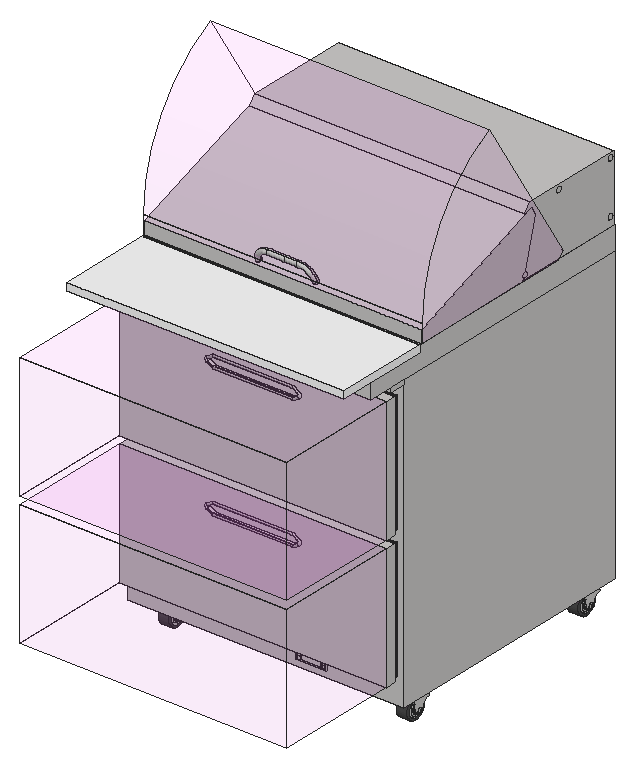
Revit family "QF_Kelvinator_738286_KCHMT29.12.2D", category Specialty Equipment, Revit 2021
Family settings
  Round Connector Dimension = Use Diameter
  Part Type = Normal
  Work Plane-Based = No
  Always vertical = Yes
  Cut with Voids When Loaded = No
  Shared = No
  Room Calculation Point = No
Parameters
  Weight in Pounds = 207.235
  Weight = 94.00 lbm
  Watts = 0 W
  Volts = 115 V
  URL Manufacturer = "KELVINATOR"
  URL Cutsheet = ""
  URL = "KELVINATOR"
  Specification by User = ""
  Specification by Manufacturer = ""
  Serial Number = ""
  Seismic Rating = ""
  SMACNA No = ""
  Revision Code = ""
  Refrigerant Type = "R290"
  Phase = 1
  Number of Poles = 1
  NAFEM Spec ID Number = ""
  Model = "KCHMT29.12.2D"
  Min Ckt Ampacity = 0 A
  Max Overcurrent Protection = 0 A
  Masterspec = ""
  Manufacturer = "Kelvinator"
  Length Actual = 735"
  Length = 28.937"
  Item Number = "738286"
  Installed By = ""
  Identify Quantity as Lot = yes
  Height Actual = 1100"
  Height = 43.307"
  HP = "0.7 HP"
  Gas KW = 0
  Furnished By = ""
  Foodservice Equipment Identifier = yes
  FL Amps = 3 A
  Electrical Remarks = ""
  Electric Connection Type = ""
  Elec Conn RI Height = 0"
  Elec Conn Connection Height = 0"
  Description = "2-DRAWER MEGA TOP PREP TABLE 29\" LONG 9-1/6 3-1/9 PAN"
  Depth Actual = 900"
  Depth = 35.433"
  Default Elevation = 0"
  Cycle = 60 Hz
  Conn Plug = "5-15P"
  Conn Conduit = yes
  CSI MasterFormat = ""
  Apparent Power = 0 VA
  Accessory = no
Reference planes (in)
  plane 1 "BACK": y = 0
  plane 2: z = 0
  plane 3 "LEFT": x = 0
  plane 4 "RIGHT": x = 28.937
  plane 5 "FRONT": y = -35.433
  plane 6 "TOP": z = 43.307
  plane 7 "Center Y": x = 14.4685
  plane 8 "Center X": y = -17.7165
Dimensions and locks (in)
  equal spacing: plane 3 "LEFT", plane 7 "Center Y", plane 4 "RIGHT"
  "Length": plane 3 "LEFT" to plane 4 "RIGHT"
  equal spacing: plane 5 "FRONT", plane 8 "Center X", plane 1 "BACK"
  "Depth": plane 5 "FRONT" to plane 1 "BACK"
  "Height": plane 6 "TOP" to level
  aligned and locked: level to plane 2
Nested families (in)
  nested 1: "Family7" at (0, 0, 0), type "Family7"
    with Show Clearance yes
Connectors (in)
  electrical at (14.46875, -0.87772, 2.31881), driven by "Volts", driven by "Watts"
    settings: on nested 1, index 1, voltage 115 V, apparent load 0 VA, apparent load phase1 0 VA, apparent load phase2 0 VA, apparent load phase3 0 VA, power factor 1, load classification "Power", number of poles 1, system type 30, power factor state 1, is connector primary yes, connector utility no, sub classification motor no, connector description "Electrical Connection"
Definition of nested family "Family7"
  Parameters (values of type "Family7")
    Weight in Pounds = 0
    URL Cutsheet = ""
    Specification by User = ""
    Specification by Manufacturer = ""
    Show Clearance [instance] = yes
    Serial Number = ""
    Seismic Rating = ""
    SMACNA No = ""
    Revision Code = ""
    NAFEM Spec ID Number = ""
    Masterspec = ""
    Length = 28.937"
    Item Number = ""
    Installed By = ""
    Identify Quantity as Lot = yes
    Height = 43.307"
    Furnished By = ""
    Foodservice Equipment Identifier = yes
    Depth = 35.433"
    Default Elevation = 0"
    CSI MasterFormat = ""
  Reference planes (in)
    plane 1 "BACK": y = 0
    plane 2: z = 0
    plane 3 "LEFT": x = 0
    plane 4 "RIGHT": x = 28.937
    plane 5 "FRONT": y = -35.433
    plane 6 "TOP": z = 43.307
    plane 7 "Center Y": x = 14.4685
    plane 8 "Center X": y = -17.7165
    plane 9: z = 3.1
    plane 10: z = 33.9
    plane 11: y = -25.5
    plane 12: z = 36.307
    plane 13: y = -29.2
    plane 14: z = 32.4
    plane 15: z = 5.6
    plane 16: y = -27.5
    plane 17: x = 26.937
    plane 18: x = 2
    plane 19: y = -31.9
    plane 20: z = 19.4
    plane 21: z = 18.6
    plane 22: z = 32.20449
    plane 23: z = 19.6
    plane 24: z = 18.40449
    plane 25: z = 5.8
    plane 26: x = 29.062
    plane 27: x = -0.1245
  Forms (in)
    Extrusion 1, solid
      sketch origin (0, 0, 0) x (0, 1, 0) y (0, 0, 1)
        loop
          line (-27.5, 33.9) -> (-27.5, 3.1) -> (0, 3.1) -> (0, 33.9) -> (-27.5, 33.9)
      from 0 to 28.9375
    Extrusion 2, solid
      sketch origin (0, 0, 0) x (0, 1, 0) y (0, 0, 1)
        loop
          line (-25.5, 36.307) -> (-25.5, 35.557) -> (-31.9, 35.557) -> (-31.9, 33.9) -> (0, 33.9) -> (0, 36.307) -> (-25.5, 36.307)
      from 0 to 28.9375
    Extrusion 3, solid
      sketch origin (0, 0, 0) x (0, 1, 0) y (0, 0, 1)
        loop
          line (-35.433, 36.307) -> (-35.433, 35.557) -> (-25.5, 35.557) -> (-25.5, 36.307) -> (-35.433, 36.307)
      from 0 to 28.9375
    Extrusion 4, solid
      sketch origin (0, 0, 0) x (0, 1, 0) y (0, 0, 1)
        loop
          line (-25.25, 36.307) -> (-12.40435, 36.3073)
          arc (-12.40435, 36.3073) -> (-12.06401, 36.40719) -> (-11.82007, 36.66468) r 0.68096
          line (-11.82007, 36.66468) -> (-10.4206, 41.90007) -> (-10.85311, 42.7135) -> (-25.25, 37.6239) -> (-25.25, 36.307)
      from 0 to 28.9375
    Extrusion 5, solid
      sketch origin (0, 0, 0) x (0, 1, 0) y (0, 0, 1)
        loop
          line (-12.40434, 36.307) -> (0, 36.307) -> (0, 43.307) -> (-10.99775, 43.307) -> (-11.58944, 42.46198) -> (-10.85311, 42.7135) -> (-10.4206, 41.90007) -> (-11.82007, 36.66468)
          arc (-11.82007, 36.66468) -> (-12.06401, 36.40719) -> (-12.40434, 36.307) r 0.68096
      from 0.07437 to 28.86109
    Extrusion 6, solid
      sketch origin (28.9375, 4.71875, 0) x (0, 1, 0) y (0, 0, 1)
        loop
          circle (-16.51178, 36.83247) r 0.25
      from 0 to 0.07437
    Extrusion 7, solid
      sketch origin (28.86109, 0, 0) x (0, 1, 0) y (0, 0, 1)
        loop
          circle (-0.51178, 37.33247) r 0.25
      from 0 to 0.07437
    Extrusion 8, solid
      sketch origin (28.86109, 0, 0) x (0, 1, 0) y (0, 0, 1)
        loop
          circle (-0.51178, 42.84497) r 0.25
      from 0 to 0.07641
    Extrusion 9, solid
      sketch origin (28.86109, 0, 0) x (0, 1, 0) y (0, 0, 1)
        loop
          circle (-7.26178, 42.84497) r 0.25
      from 0 to 0.07641
    Extrusion 10, solid
      sketch origin (0, 0, 0) x (0, 1, 0) y (0, 0, -1)
        loop
          circle (-12.25953, -36.83247) r 0.25
      from 0 to 0.07437
    Extrusion 11, solid
      sketch origin (0.11123, -0.03482, 0) x (0, 1, 0) y (0, 0, -1)
        loop
          circle (-0.51178, -37.33247) r 0.25
      from 0 to 0.07437
    Extrusion 12, solid
      sketch origin (0.07437, -0.03482, 0) x (0, 1, 0) y (0, 0, -1)
        loop
          circle (-0.51178, -42.84497) r 0.25
      from 0 to 0.07437
    Extrusion 13, solid
      sketch origin (0.07437, -0.03482, 0) x (0, 1, 0) y (0, 0, -1)
        loop
          circle (-7.26178, -42.84497) r 0.25
      from 0 to 0.07437
    Sweep 14, solid
      path origin (0, 3.99087, 8.19085) x (1, 0, 0) y (0, -0.323051, 0.946381)
        loop
          line (12.156, 37.2) -> (12.156, 37.35625)
          arc (12.156, 37.35625) -> (12.37567, 37.88658) -> (12.906, 38.10625) r 0.75
          line (12.906, 38.10625) -> (14.781, 38.10625) -> (16.031, 38.10625)
          arc (16.031, 38.10625) -> (16.56133, 37.88658) -> (16.781, 37.35625) r 0.75
          line (16.781, 37.35625) -> (16.781, 37.2)
      profile origin (15.406, -8.3194, 44.2539) x (0, -0.323051, 0.946381) y (0, -0.946381, -0.323051)
        loop
          circle (0.69146, 17.59878) r 0.25
    Extrusion 15, solid
      sketch origin (0, 0, 0) x (0, 1, 0) y (0, 0, 1)
        loop
          line (-29.2, 33.9) -> (-29.2, 33.4) -> (-27.5, 33.4) -> (-27.5, 33.9) -> (-29.2, 33.9)
      from 0 to 28.9375
    Extrusion 16, solid
      sketch origin (14.4685, 6.90541, 48) x (0, 1, 0) y (0, 0, 1)
        loop
          line (-36.10541, -15.6) -> (-36.10541, -28.6) -> (-34.95211, -28.6) -> (-34.95211, -15.6) -> (-36.10541, -15.6)
      from 13.96875 to -13.96875
    Extrusion 17, solid
      sketch origin (0, 0, 0) x (0, 1, 0) y (0, 0, 1)
        loop
          line (-28.04671, 32.20449) -> (-28.04671, 19.6) -> (-27.79671, 19.6) -> (-27.79671, 32.20449) -> (-28.04671, 32.20449)
      from 0.74536 to 28.21347
    Extrusion 18, solid
      sketch origin (0, 0.25, 0) x (0, 1, 0) y (0, 0, 1)
        loop
          line (-28.04671, 32.20449) -> (-28.04671, 19.6) -> (-27.864, 19.6) -> (-27.864, 32.20449) -> (-28.04671, 32.20449)
      from 0.74536 to 28.21347
    Extrusion 19, solid
      sketch origin (0, 0.4327, 0) x (0, 1, 0) y (0, 0, 1)
        loop
          line (-28.04671, 32.20449) -> (-28.04671, 19.6) -> (-27.9327, 19.6) -> (-27.9327, 32.20449) -> (-28.04671, 32.20449)
      from 0.74536 to 28.21347
    Extrusion 20, solid
      sketch origin (-5.72957, -27.5, -4.77927) x (-1, 0, 0) y (0, 0, 1)
        loop
          line (-23.36233, 9.70772) -> (-26.51193, 9.70772) -> (-26.51193, 8.52662) -> (-23.36233, 8.52662) -> (-23.36233, 9.70772)
        loop
          line (-23.44107, 9.63107) -> (-23.83477, 9.63107) -> (-23.83477, 9.31193) -> (-23.44107, 9.31193) -> (-23.44107, 9.63107)
        loop
          line (-23.44107, 9.27674) -> (-23.83477, 9.27674) -> (-23.83477, 8.9576) -> (-23.44107, 8.9576) -> (-23.44107, 9.27674)
        loop
          line (-23.44107, 8.92241) -> (-23.83477, 8.92241) -> (-23.83477, 8.60327) -> (-23.44107, 8.60327) -> (-23.44107, 8.92241)
        loop
          line (-26.43319, 9.63107) -> (-26.43319, 9.31193) -> (-26.03949, 9.31193) -> (-26.03949, 9.63107) -> (-26.43319, 9.63107)
        loop
          line (-26.43319, 9.27674) -> (-26.43319, 8.9576) -> (-26.03949, 8.9576) -> (-26.03949, 9.27674) -> (-26.43319, 9.27674)
        loop
          line (-26.43319, 8.92241) -> (-26.43319, 8.60327) -> (-26.03949, 8.60327) -> (-26.03949, 8.92241) -> (-26.43319, 8.92241)
        loop
          line (-23.91225, 9.63107) -> (-25.96201, 9.63107) -> (-25.96201, 8.60716) -> (-23.91225, 8.60716) -> (-23.91225, 9.63107)
      from 0.07874 to -0.04602
    Extrusion 21, solid
      sketch origin (-5.72957, -27.54602, -4.77927) x (1, 0, 0) y (0, 0, 1)
        loop
          line (26.03949, 9.63107) -> (26.03949, 9.31193) -> (26.43319, 9.31193) -> (26.43319, 9.63107) -> (26.03949, 9.63107)
        loop
          line (26.03949, 9.27674) -> (26.03949, 8.9576) -> (26.43319, 8.9576) -> (26.43319, 9.27674) -> (26.03949, 9.27674)
        loop
          line (26.03949, 8.92241) -> (26.03949, 8.60327) -> (26.43319, 8.60327) -> (26.43319, 8.92241) -> (26.03949, 8.92241)
        loop
          line (23.83477, 9.63107) -> (23.44107, 9.63107) -> (23.44107, 9.31193) -> (23.83477, 9.31193) -> (23.83477, 9.63107)
        loop
          line (23.83477, 9.27674) -> (23.44107, 9.27674) -> (23.44107, 8.9576) -> (23.83477, 8.9576) -> (23.83477, 9.27674)
        loop
          line (23.83477, 8.92241) -> (23.44107, 8.92241) -> (23.44107, 8.60327) -> (23.83477, 8.60327) -> (23.83477, 8.92241)
      from 0 to -0.07874
    Extrusion 22, solid
      sketch origin (-5.72957, -27.54602, -4.77927) x (1, 0, 0) y (0, 0, 1)
        loop
          line (23.91225, 9.63107) -> (23.91225, 8.60716) -> (25.96201, 8.60716) -> (25.96201, 9.63107) -> (23.91225, 9.63107)
      from 0 to -0.07874
    Extrusion 23, void
      sketch origin (-5.72957, -27.5, -4.77927) x (-1, 0, 0) y (0, 0, 1)
        loop
          line (-23.36233, 9.70772) -> (-26.51193, 9.70772) -> (-26.51193, 8.52662) -> (-23.36233, 8.52662) -> (-23.36233, 9.70772)
      from 0 to 0.07874
    Extrusion 24, void
      sketch origin (-15.80943, -29.19996, 32.2056) x (0, 0, 1) y (1, 0, 0)
        loop
          line (-1.94791, 26.10293) -> (-1.94791, 34.45293) -> (-2.28604, 34.99393)
          arc (-2.28604, 34.99393) -> (-2.38541, 35.04901) -> (-2.48479, 34.99393) r 0.11719
          line (-2.48479, 34.99393) -> (-2.82291, 34.45293) -> (-2.82291, 26.10293) -> (-2.48621, 25.56421)
          arc (-2.48621, 25.56421) -> (-2.38541, 25.50834) -> (-2.28462, 25.56421) r 0.11887
          line (-2.28462, 25.56421) -> (-1.94791, 26.10293)
      from 0 to 0.31887
    Sweep 25, solid
      path origin (-15.80943, -26.39996, 32.2056) x (0, 0, -1) y (1, 0, 0)
        loop
          line (2.82291, 34.45293) -> (2.48479, 34.99393)
          arc (2.48479, 34.99393) -> (2.38541, 35.04901) -> (2.28604, 34.99393) r 0.11719
          line (2.28604, 34.99393) -> (1.94791, 34.45293) -> (1.94791, 26.10293) -> (2.28462, 25.56421)
          arc (2.28462, 25.56421) -> (2.38541, 25.50834) -> (2.48621, 25.56421) r 0.11887
          line (2.48621, 25.56421) -> (2.82291, 26.10293) -> (2.82291, 34.45293)
      profile origin (14.4685, -26.39996, 29.38269) x (0, 0, -1) y (0, -1, 0)
        loop
          line (0, 2.8) -> (0.25, 2.8)
          arc (0.25, 2.8) -> (0.125, 2.85269) -> (0, 2.8) r 0.17461
    Extrusion 26, solid
      sketch origin (0, -3.56521, 3.1) x (-1, 0, 0) y (0, 1, 0)
        loop
          circle (-14.46875, 2.68749) r 0.25
      from 0 to 0.78119
    Extrusion 27, solid
      sketch origin (14.4685, 6.90541, 34.2) x (0, 1, 0) y (0, 0, 1)
        loop
          line (-36.10541, -15.6) -> (-36.10541, -28.6) -> (-34.95211, -28.6) -> (-34.95211, -15.6) -> (-36.10541, -15.6)
      from 13.96875 to -13.96875
    Extrusion 28, solid
      sketch origin (0, 0, -13.8) x (0, 1, 0) y (0, 0, 1)
        loop
          line (-28.04671, 32.20449) -> (-28.04671, 19.6) -> (-27.79671, 19.6) -> (-27.79671, 32.20449) -> (-28.04671, 32.20449)
      from 0.74536 to 28.21347
    Extrusion 29, solid
      sketch origin (0, 0.25, -13.8) x (0, 1, 0) y (0, 0, 1)
        loop
          line (-28.04671, 32.20449) -> (-28.04671, 19.6) -> (-27.864, 19.6) -> (-27.864, 32.20449) -> (-28.04671, 32.20449)
      from 0.74536 to 28.21347
    Extrusion 30, solid
      sketch origin (0, 0.4327, -13.8) x (0, 1, 0) y (0, 0, 1)
        loop
          line (-28.04671, 32.20449) -> (-28.04671, 19.6) -> (-27.9327, 19.6) -> (-27.9327, 32.20449) -> (-28.04671, 32.20449)
      from 0.74536 to 28.21347
    Extrusion 31, void
      sketch origin (-15.80943, -29.19996, 18.4056) x (0, 0, 1) y (1, 0, 0)
        loop
          line (-1.94791, 26.10293) -> (-1.94791, 34.45293) -> (-2.28604, 34.99393)
          arc (-2.28604, 34.99393) -> (-2.38541, 35.04901) -> (-2.48479, 34.99393) r 0.11719
          line (-2.48479, 34.99393) -> (-2.82291, 34.45293) -> (-2.82291, 26.10293) -> (-2.48621, 25.56421)
          arc (-2.48621, 25.56421) -> (-2.38541, 25.50834) -> (-2.28462, 25.56421) r 0.11887
          line (-2.28462, 25.56421) -> (-1.94791, 26.10293)
      from 0 to 0.31887
    Sweep 32, solid
      path origin (-15.80943, -26.39996, 18.4056) x (0, 0, -1) y (1, 0, 0)
        loop
          line (2.82291, 34.45293) -> (2.48479, 34.99393)
          arc (2.48479, 34.99393) -> (2.38541, 35.04901) -> (2.28604, 34.99393) r 0.11719
          line (2.28604, 34.99393) -> (1.94791, 34.45293) -> (1.94791, 26.10293) -> (2.28462, 25.56421)
          arc (2.28462, 25.56421) -> (2.38541, 25.50834) -> (2.48621, 25.56421) r 0.11887
          line (2.48621, 25.56421) -> (2.82291, 26.10293) -> (2.82291, 34.45293)
      profile origin (14.4685, -26.39996, 15.58269) x (0, 0, -1) y (0, -1, 0)
        loop
          line (0, 2.8) -> (0.25, 2.8)
          arc (0.25, 2.8) -> (0.125, 2.85269) -> (0, 2.8) r 0.17461
    Extrusion 33, solid, visible <- "Show Clearance"
      sketch origin (28.43725, 6.90541, 48) x (0, 1, 0) y (0, 0, 1)
        loop
          line (-36.10541, -28.6) -> (-36.10541, -15.6) -> (-49.10541, -15.6) -> (-49.10541, -28.6) -> (-36.10541, -28.6)
        loop
          line (-36.10541, -42.4) -> (-36.10541, -29.4) -> (-49.10541, -29.4) -> (-49.10541, -42.4) -> (-36.10541, -42.4)
      from 0 to -27.9375
    Extrusion 34, solid, visible <- "Show Clearance"
      sketch origin (0, -7, -0.0125) x (0, -1, 0) y (0, 0, 1)
        loop
          line (0.46898, 36.3195) -> (18.25, 36.3195) -> (18.25, 38.20821)
          arc (18.25, 38.20821) -> (15.89455, 46.6191) -> (9.51337, 52.58332) r 16.19461
          line (9.51337, 52.58332) -> (-0.20479, 36.9478) -> (0.46898, 36.3195)
      from 0.1245 to -29.062
  Cuts and joins
    Extrusion 23 cuts Extrusion 20
    Extrusion 24, Extrusion 31 cuts Extrusion 16
    Extrusion 31 cuts Extrusion 27
  Lines and regions (in)
    symbolic lines
      curve 1: line (28.937, -35.433, 0) -> (28.937, 0, 0)
      curve 2: line (28.937, 0, 0) -> (0, 0, 0)
      curve 3: line (0, 0, 0) -> (0, -35.433, 0)
      curve 4: line (0, -25.5, 0) -> (11.94915, -25.5, 0)
      curve 5: line (0, -35.433, 0) -> (28.937, -35.433, 0)
      curve 6: line (0, -25.25, 0) -> (11.6887, -25.25, 0)
      curve 7: line (0.07437, -11.58944, 0) -> (28.86059, -11.58944, 0)
      curve 8: line (0.07437, -10.99775, 0) -> (28.86059, -10.99775, 0)
      curve 9: line (28.86059, -11.58944, 0) -> (28.86059, 0, 0)
      curve 10: line (0.07437, -11.58944, 0) -> (0.07437, 0, 0)
      curve 11: line (-0.07437, -12.50953, 0) -> (-0.07437, -12.00953, 0)
      curve 12: line (-0.07437, -12.00953, 0) -> (0, -12.00953, 0)
      curve 13: line (-0.07437, -12.50953, 0) -> (0, -12.50953, 0)
      curve 14: line (0, -10.4206, 0) -> (0.07437, -10.4206, 0)
      curve 15: line (0, -10.85311, 0) -> (0.07437, -10.85311, 0)
      curve 16: line (0, -8.01304, 0) -> (0.07437, -8.01304, 0)
      curve 17: line (0, -7.5129, 0) -> (0.07437, -7.5129, 0)
      curve 18: line (0, -0.29529, 0) -> (0.07437, -0.29529, 0)
      curve 19: line (0, -0.79529, 0) -> (0.07437, -0.79529, 0)
      curve 20: line (29.01137, -12.50953, 0) -> (29.01137, -12.00953, 0)
      curve 21: line (29.01137, -12.00953, 0) -> (28.937, -12.00953, 0)
      curve 22: line (29.01137, -12.50953, 0) -> (28.937, -12.50953, 0)
      curve 23: line (28.937, -10.4206, 0) -> (28.86059, -10.4206, 0)
      curve 24: line (28.937, -10.85311, 0) -> (28.86059, -10.85311, 0)
      curve 25: line (28.937, -7.97828, 0) -> (28.86059, -7.97828, 0)
      curve 26: line (28.937, -7.47828, 0) -> (28.86059, -7.47828, 0)
      curve 27: line (28.937, -0.76178, 0) -> (28.86059, -0.76178, 0)
      curve 28: line (28.937, -0.26178, 0) -> (28.86059, -0.26178, 0)
      curve 29: spline (11.21454, -24.65351, 0) -> (11.22306, -24.59638, 0) -> (11.24803, -24.54314, 0) -> (11.28776, -24.49742, 0) -> (11.33954, -24.46234, 0) -> (11.39984, -24.44029, 0) -> (11.46454, -24.43277, 0) -> (11.52925, -24.44029, 0) -> (11.58954, -24.46234, 0) -> (11.64132, -24.49742, 0) -> (11.68105, -24.54314, 0) -> (11.70602, -24.59638, 0) -> (11.71454, -24.65351, 0)
      curve 30: spline (17.22246, -24.65351, 0) -> (17.23098, -24.59638, 0) -> (17.25595, -24.54314, 0) -> (17.29568, -24.49742, 0) -> (17.34746, -24.46234, 0) -> (17.40775, -24.44029, 0) -> (17.47246, -24.43277, 0) -> (17.53716, -24.44029, 0) -> (17.59746, -24.46234, 0) -> (17.64924, -24.49742, 0) -> (17.68897, -24.54314, 0) -> (17.71394, -24.59638, 0) -> (17.72246, -24.65351, 0)
      curve 31: line (14.4685, -24.94775, 0) -> (16.20646, -24.94775, 0)
      curve 32: line (14.4685, -25.44761, 0) -> (16.19122, -25.44761, 0)
      curve 33: line (17.72246, -24.65351, 0) -> (17.72246, -24.76273, 0)
      curve 34: line (17.22246, -24.65351, 0) -> (17.22246, -24.70254, 0)
      curve 35: line (14.4685, -24.94775, 0) -> (12.83564, -24.94775, 0)
      curve 36: line (14.4685, -25.44761, 0) -> (12.74578, -25.44761, 0)
      curve 37: line (11.21454, -24.65351, 0) -> (11.21454, -24.76273, 0)
      curve 38: line (11.71454, -24.65351, 0) -> (11.71454, -24.70254, 0)
      curve 39: line (17.2483, -25.25, 0) -> (28.937, -25.25, 0)
      curve 40: line (11.94915, -25.5, 0) -> (28.937, -25.5, 0)
      curve 44: arc (17.22246, -24.70254, 0) -> (16.72905, -24.88558, 0) -> (16.20646, -24.94775, 0) r 2.22739
      curve 45: arc (11.71454, -24.70254, 0) -> (12.24241, -24.89361, 0) -> (12.80129, -24.94663, 0) r 2.22739
      curve 46: arc (12.83564, -24.94775, 0) -> (12.81847, -24.94693, 0) -> (12.80129, -24.94663, 0) r 0.57427
      curve 47: arc (17.72246, -24.76273, 0) -> (17.63163, -24.99217, 0) -> (17.44709, -25.156, 0) r 0.53229
      curve 48: arc (17.44709, -25.156, 0) -> (17.12632, -25.29612, 0) -> (16.78727, -25.38319, 0) r 2.1837
      curve 49: arc (16.78727, -25.38319, 0) -> (16.49027, -25.42486, 0) -> (16.19122, -25.44761, 0) r 4.72583
      curve 50: arc (11.21454, -24.76273, 0) -> (11.30537, -24.99217, 0) -> (11.48991, -25.156, 0) r 0.53229
      curve 51: arc (11.48991, -25.156, 0) -> (11.81068, -25.29612, 0) -> (12.14973, -25.38319, 0) r 2.1837
      curve 52: arc (12.14973, -25.38319, 0) -> (12.44673, -25.42486, 0) -> (12.74578, -25.44761, 0) r 4.72583
    symbolic lines, visible <- "Show Clearance"
      curve 41: line (0.5, -43.133, 0) -> (28.437, -43.133, 0)
      curve 42: line (28.437, -43.133, 0) -> (28.437, -35.433, 0)
      curve 43: line (0.5, -43.133, 0) -> (0.5, -35.433, 0)
  Dimensions and locks (in)
    equal spacing: plane 3 "LEFT", plane 7 "Center Y", plane 4 "RIGHT"
    "Length": plane 3 "LEFT" to plane 4 "RIGHT"
    equal spacing: plane 5 "FRONT", plane 8 "Center X", plane 1 "BACK"
    "Depth": plane 5 "FRONT" to plane 1 "BACK"
    "Height": plane 6 "TOP" to level
    plane 5 "FRONT" to plane 1 "BACK" = 35.433"
    plane 11 to plane 1 "BACK" = 25 1/2"
    locked: plane 4 "RIGHT" to plane 17 at 2
    locked: plane 3 "LEFT" to plane 18 at 2
    plane 19 to plane 1 "BACK" = 31.9"
    plane 12 to plane 6 "TOP" = 7"
    level to plane 12 = 36.307"
    plane 15 to plane 21 = 13"
    plane 20 to plane 14 = 13"
    Extrusion 17 to Extrusion 16 = 12.8"
    aligned and locked: level to plane 2
    aligned and locked: plane 17 to nested 1
    aligned and locked: nested 2 to plane 18
  Automatic sketch dimensions
    plane 9 to Extrusion 1 sketch curve = 0"
    Extrusion 1 sketch curve to plane 16 = 0"
    Extrusion 1 sketch curve to plane 1 "BACK" = 0"
    Extrusion 1 sketch curve to plane 10 = 0"
    Extrusion 2 sketch curve to plane 10 = 0"
    Extrusion 2 sketch curve to plane 19 = 0"
    Extrusion 2 sketch curve to plane 11 = 0"
    Extrusion 2 sketch curve to plane 1 "BACK" = 0"
    plane 12 to Extrusion 2 sketch curve = 0"
    Extrusion 2 sketch curve to Extrusion 2 sketch curve = 3/4"
    Extrusion 3 sketch curve to plane 5 "FRONT" = 0"
    Extrusion 3 sketch curve to plane 11 = 0"
    plane 12 to Extrusion 3 sketch curve = 0"
    Extrusion 3 sketch curve to Extrusion 3 sketch curve = 3/4"
    plane 12 to Extrusion 4 sketch curve = 0"
    Extrusion 4 sketch curve to plane 11 = 1/4"
    Extrusion 4 sketch curve to plane 12 = 0.6811"
    plane 8 "Center X" to Extrusion 4 sketch curve = 5.29717"
    Extrusion 4 sketch curve to plane 12 = 0.35768"
    Extrusion 4 sketch curve to Extrusion 4 sketch curve = 0.59925"
    Extrusion 4 sketch curve to plane 6 "TOP" = 0.5935"
    Extrusion 4 sketch curve to Extrusion 4 sketch curve = 1.56621"
    Extrusion 4 sketch curve to plane 6 "TOP" = 1.40693"
    Extrusion 4 sketch curve to Extrusion 4 sketch curve = 0.43251"
    Extrusion 4 sketch curve to plane 12 = 1.3169"
    Extrusion 4 sketch curve to plane 12 = 0.0003"
    Extrusion 4 sketch curve to Extrusion 4 sketch curve = 0"
    plane 12 to Extrusion 5 sketch curve = 0"
    Extrusion 5 sketch curve to plane 6 "TOP" = 0"
    Extrusion 5 sketch curve to plane 1 "BACK" = 0"
    Extrusion 5 sketch curve to plane 6 "TOP" = 1.40693"
    plane 8 "Center X" to Extrusion 5 sketch curve = 7.2959"
    Extrusion 5 sketch curve to plane 6 "TOP" = 0.5935"
    Extrusion 5 sketch curve to Extrusion 5 sketch curve = 0.43251"
    Extrusion 5 sketch curve to Extrusion 5 sketch curve = 0.14464"
    Extrusion 5 sketch curve to plane 6 "TOP" = 0.84502"
    Extrusion 5 sketch curve to Extrusion 5 sketch curve = 0.73633"
    Extrusion 5 sketch curve to plane 12 = 0.35768"
    Extrusion 5 sketch curve to Extrusion 5 sketch curve = 1.39947"
    Extrusion 5 sketch curve to Extrusion 5 sketch curve = 0.59925"
    Extrusion 5 sketch curve to Extrusion 5 sketch curve = 0.32342"
    Extrusion 5 sketch curve to Extrusion 5 sketch curve = 0.01499"
    Extrusion 5 sketch curve to plane 12 = 0.0003"
    Extrusion 6 sketch curve to Extrusion 4 = 0.52547"
    Extrusion 6 sketch curve to Extrusion 4 = 13.45697"
    Extrusion 7 sketch curve to Extrusion 5 = 0.51178"
    Extrusion 7 sketch curve to Extrusion 5 = 1.02547"
    Extrusion 8 sketch curve to Extrusion 5 = 0.51178"
    Extrusion 8 sketch curve to Extrusion 5 = 0.46203"
    Extrusion 9 sketch curve to Extrusion 5 = 0.46203"
    Extrusion 9 sketch curve to Extrusion 5 = 7.26178"
    Extrusion 10 sketch curve to plane 12 = 0.52547"
    plane 8 "Center X" to Extrusion 10 sketch curve = 5.45697"
    plane 1 "BACK" to Extrusion 11 sketch curve = 0.5466"
    Extrusion 11 sketch curve to plane 12 = 1.02547"
    plane 1 "BACK" to Extrusion 12 sketch curve = 0.5466"
    Extrusion 12 sketch curve to plane 6 "TOP" = 0.46203"
    Extrusion 13 sketch curve to plane 6 "TOP" = 0.46203"
    plane 1 "BACK" to Extrusion 13 sketch curve = 7.2966"
    Sweep 14 sketch curve to plane 7 "Center Y" = 2 5/16"
    Sweep 14 sketch curve to Sweep 14 sketch curve = 3/4"  (x2)
    plane 7 "Center Y" to Sweep 14 sketch curve = 5/16"
    Sweep 14 sketch curve to Sweep 14 sketch curve = 1 1/4"
    Sweep 14 sketch curve to Sweep 14 sketch curve = 5/32"  (x2)
    Sweep 14 sketch curve to profile plane = 0.69146"
    profile plane to Sweep 14 sketch curve = 17.59878"
    Extrusion 15 sketch curve to plane 10 = 0"
    Extrusion 15 sketch curve to plane 13 = 0"
    Extrusion 15 sketch curve to plane 16 = 0"
    Extrusion 15 sketch curve to Extrusion 15 sketch curve = 1/2"
    Extrusion 16 sketch curve to plane 13 = 0"
    plane 20 to Extrusion 16 sketch curve = 0"
    plane 14 to Extrusion 16 sketch curve = 0"
    Extrusion 16 sketch curve to plane 16 = 0.54671"
    Extrusion 17 sketch curve to plane 23 = 0"
    Extrusion 17 sketch curve to plane 22 = 0"
    Extrusion 17 sketch curve to plane 16 = 0.54671"
    Extrusion 17 sketch curve to Extrusion 17 sketch curve = 1/4"
    Extrusion 18 sketch curve to plane 23 = 0"
    Extrusion 18 sketch curve to plane 22 = 0"
    Extrusion 18 sketch curve to plane 16 = 0.29671"
    Extrusion 18 sketch curve to plane 16 = 0.114"
    Extrusion 19 sketch curve to plane 23 = 0"
    Extrusion 19 sketch curve to plane 22 = 0"
    Extrusion 19 sketch curve to plane 16 = 0"
    Extrusion 19 sketch curve to Extrusion 19 sketch curve = 0.114"
    plane 15 to Extrusion 20 sketch curve = 0.67154"
    Extrusion 20 sketch curve to plane 17 = 6.15464"
    Extrusion 20 sketch curve to Extrusion 20 sketch curve = 0.07874"  (x3)
    Extrusion 20 sketch curve to Extrusion 20 sketch curve = 0"  (x7)
    Extrusion 20 sketch curve to Extrusion 20 sketch curve = 0.3937"  (x2)
    Extrusion 20 sketch curve to Extrusion 20 sketch curve = 0.07748"  (x3)
    Extrusion 20 sketch curve to plane 9 = 0.72789"
    Extrusion 20 sketch curve to Extrusion 20 sketch curve = 2.04976"
    Extrusion 20 sketch curve to Extrusion 20 sketch curve = 1/256"  (x2)
    Extrusion 20 sketch curve to Extrusion 20 sketch curve = 0.07665"  (x3)
    Extrusion 20 sketch curve to Extrusion 20 sketch curve = 0.31914"  (x4)
    Extrusion 20 sketch curve to Extrusion 20 sketch curve = 0.03519"  (x4)
    Extrusion 20 to Extrusion 21 sketch curve = 0"  (x10)
    Extrusion 21 sketch curve to Extrusion 20 = 0"  (x14)
    Extrusion 22 sketch curve to Extrusion 20 = 0"  (x3)
    Extrusion 20 to Extrusion 22 sketch curve = 0"
    plane 15 to Extrusion 23 sketch curve = 0.67154"
    Extrusion 23 sketch curve to plane 17 = 6.15464"
    Extrusion 23 sketch curve to plane 9 = 0.64735"
    Extrusion 23 sketch curve to Extrusion 23 sketch curve = 3.14961"
    Extrusion 24 sketch curve to plane 22 = 2.8218"
    Extrusion 24 sketch curve to Extrusion 24 sketch curve = 0.3367"
    Extrusion 24 sketch curve to Extrusion 24 sketch curve = 0.33813"  (x2)
    Extrusion 24 sketch curve to Extrusion 24 sketch curve = 0.09937"  (x2)
    Extrusion 24 sketch curve to Extrusion 24 sketch curve = 0.1008"  (x2)
    Extrusion 24 sketch curve to plane 7 "Center Y" = 4.71372"
    Extrusion 24 sketch curve to Extrusion 24 sketch curve = 0.063"
    Extrusion 24 sketch curve to Extrusion 24 sketch curve = 0.53872"  (x2)
    plane 7 "Center Y" to Extrusion 24 sketch curve = 4.175"
    Extrusion 24 sketch curve to Extrusion 24 sketch curve = 0"
    Extrusion 24 sketch curve to Extrusion 24 sketch curve = 0.47889"
    Extrusion 24 sketch curve to Extrusion 24 sketch curve = 0.06211"
    Sweep 25 sketch curve to plane 22 = 1.9468"
    Sweep 25 sketch curve to Sweep 25 sketch curve = 0.3367"
    Sweep 25 sketch curve to Sweep 25 sketch curve = 0.33813"  (x2)
    Sweep 25 sketch curve to Sweep 25 sketch curve = 0.09937"  (x2)
    Sweep 25 sketch curve to Sweep 25 sketch curve = 0.1008"  (x2)
    Sweep 25 sketch curve to plane 7 "Center Y" = 4.71372"
    Sweep 25 sketch curve to Sweep 25 sketch curve = 0.063"
    Sweep 25 sketch curve to Sweep 25 sketch curve = 0.53872"  (x2)
    plane 7 "Center Y" to Sweep 25 sketch curve = 4.175"
    Sweep 25 sketch curve to Sweep 25 sketch curve = 0"
    Sweep 25 sketch curve to Sweep 25 sketch curve = 0.47889"
    Sweep 25 sketch curve to Sweep 25 sketch curve = 0.06211"
    Sweep 25 sketch curve to profile plane = 0"
    Sweep 25 sketch curve to profile plane = 1/8"
    profile plane to Sweep 25 sketch curve = 2.67809"
    Sweep 25 sketch curve to Sweep 25 sketch curve = 0.12191"
    Extrusion 1 to Extrusion 26 sketch curve = 0.87772"
    Extrusion 26 sketch curve to Extrusion 1 = 14 15/32"
    Extrusion 27 sketch curve to plane 13 = 0"
    plane 15 to Extrusion 27 sketch curve = 0"
    plane 21 to Extrusion 27 sketch curve = 0"
    Extrusion 27 sketch curve to plane 16 = 0.54671"
    Extrusion 28 sketch curve to plane 25 = 0"
    Extrusion 28 sketch curve to plane 24 = 0"
    Extrusion 28 sketch curve to plane 16 = 0.54671"
    Extrusion 28 sketch curve to Extrusion 28 sketch curve = 1/4"
    Extrusion 29 sketch curve to plane 25 = 0"
    Extrusion 29 sketch curve to plane 24 = 0"
    Extrusion 29 sketch curve to plane 16 = 0.29671"
    Extrusion 29 sketch curve to plane 16 = 0.114"
    Extrusion 30 sketch curve to plane 25 = 0"
    Extrusion 30 sketch curve to plane 24 = 0"
    Extrusion 30 sketch curve to plane 16 = 0"
    Extrusion 30 sketch curve to Extrusion 30 sketch curve = 0.114"
    Extrusion 31 sketch curve to plane 24 = 2.8218"
    Extrusion 31 sketch curve to Extrusion 31 sketch curve = 0.3367"
    Extrusion 31 sketch curve to Extrusion 31 sketch curve = 0.33813"  (x2)
    Extrusion 31 sketch curve to Extrusion 31 sketch curve = 0.09937"  (x2)
    Extrusion 31 sketch curve to Extrusion 31 sketch curve = 0.1008"  (x2)
    Extrusion 31 sketch curve to plane 7 "Center Y" = 4.71372"
    Extrusion 31 sketch curve to Extrusion 31 sketch curve = 0.063"
    Extrusion 31 sketch curve to Extrusion 31 sketch curve = 0.53872"  (x2)
    plane 7 "Center Y" to Extrusion 31 sketch curve = 4.175"
    Extrusion 31 sketch curve to Extrusion 31 sketch curve = 0"
    Extrusion 31 sketch curve to Extrusion 31 sketch curve = 0.47889"
    Extrusion 31 sketch curve to Extrusion 31 sketch curve = 0.06211"
    Sweep 32 sketch curve to plane 24 = 1.9468"
    Sweep 32 sketch curve to Sweep 32 sketch curve = 0.3367"
    Sweep 32 sketch curve to Sweep 32 sketch curve = 0.33813"  (x2)
    Sweep 32 sketch curve to Sweep 32 sketch curve = 0.09937"  (x2)
    Sweep 32 sketch curve to Sweep 32 sketch curve = 0.1008"  (x2)
    Sweep 32 sketch curve to plane 7 "Center Y" = 4.71372"
    Sweep 32 sketch curve to Sweep 32 sketch curve = 0.063"
    Sweep 32 sketch curve to Sweep 32 sketch curve = 0.53872"  (x2)
    plane 7 "Center Y" to Sweep 32 sketch curve = 4.175"
    Sweep 32 sketch curve to Sweep 32 sketch curve = 0"
    Sweep 32 sketch curve to Sweep 32 sketch curve = 0.47889"
    Sweep 32 sketch curve to Sweep 32 sketch curve = 0.06211"
    Sweep 32 sketch curve to profile plane = 0"
    Sweep 32 sketch curve to profile plane = 1/8"
    profile plane to Sweep 32 sketch curve = 2.67809"
    Sweep 32 sketch curve to Sweep 32 sketch curve = 0.12191"
    plane 1 "BACK" to curve 3 = 0"
    curve 3 to plane 3 "LEFT" = 0"
    plane 5 "FRONT" to curve 43 = 0"
    plane 11 to curve 40 = 0"
    curve 31 to plane 7 "Center Y" = 0"
    curve 32 to plane 7 "Center Y" = 0"
    curve 24 to plane 4 "RIGHT" = 0"
    curve 11 to plane 3 "LEFT" = 0.07437"
    plane 3 "LEFT" to curve 7 = 0.07437"
    plane 3 "LEFT" to curve 41 = 1/2"
    curve 37 to plane 11 = 0.73727"
    curve 37 to plane 7 "Center Y" = 3.25396"
    curve 29 to curve 38 = 1/2"
    curve 45 to curve 50 = 0.02686"
    curve 45 to curve 40 = 0.23461"
    curve 29 to curve 51 = 0.80709"
    curve 51 to curve 45 = 0.20891"
    curve 36 to plane 11 = 0.05239"
    curve 4 to curve 36 = 0.79662"
    plane 11 to curve 46 = 0.0209"
    curve 52 to curve 46 = 0.05391"
    curve 52 to curve 35 = 23/256"
    curve 52 to plane 7 "Center Y" = 1.51393"
    plane 7 "Center Y" to curve 49 = 1.51393"
    plane 7 "Center Y" to curve 32 = 1.72272"
    curve 49 to curve 31 = 0.01524"
    curve 44 to curve 48 = 0.20891"
    curve 31 to curve 47 = 0.98914"
    curve 47 to curve 34 = 0.02686"
    curve 34 to curve 33 = 1/2"
    plane 4 "RIGHT" to curve 41 = 1/2"
    plane 4 "RIGHT" to curve 9 = 0.07641"
    curve 21 to plane 4 "RIGHT" = 0.07437"
    plane 5 "FRONT" to curve 42 = 7.7"
    curve 49 to curve 31 = 0.49986"
    curve 33 to plane 11 = 0.73727"
    curve 50 to curve 38 = 0.06019"
    curve 33 to curve 34 = 0.06019"
    curve 44 to curve 47 = 0.01568"
    curve 45 to curve 50 = 0.01568"
    curve 33 to curve 33 = 0.10922"
    curve 37 to curve 37 = 0.10922"
    curve 48 to curve 44 = 0.51103"
    curve 29 to curve 51 = 1.42211"
    curve 51 to curve 45 = 0.51103"
    curve 44 to curve 49 = 1.99397"
    curve 45 to curve 52 = 1.99397"
    plane 8 "Center X" to curve 13 = 5.20697"
    plane 8 "Center X" to curve 20 = 5.20697"
    curve 11 to curve 12 = 1/2"
    curve 20 to curve 21 = 1/2"
    curve 21 to curve 9 = 0.4201"
    curve 51 to curve 50 = 0"
    curve 51 to curve 6 = 0.19879"
    curve 48 to curve 49 = 0"
    curve 39 to curve 48 = 0.19879"
    curve 7 to curve 8 = 0.59169"
    curve 8 to curve 24 = 0.14464"
    curve 8 to curve 15 = 0.14464"
    curve 15 to curve 14 = 0.43251"
    curve 24 to curve 23 = 0.43251"
    curve 14 to curve 16 = 2.40757"
    curve 23 to curve 25 = 2.44232"
    curve 16 to curve 17 = 0.50013"
    curve 25 to curve 26 = 1/2"
    plane 1 "BACK" to curve 19 = 0.79529"
    plane 1 "BACK" to curve 27 = 0.76178"
    plane 1 "BACK" to curve 18 = 0.29529"
    plane 1 "BACK" to curve 28 = 0.26178"
    Extrusion 33 sketch curve to Extrusion 16 = 0"  (x4)
    Extrusion 16 to Extrusion 33 sketch curve = 0.8"
    Extrusion 16 to Extrusion 33 sketch curve = 13"  (x2)
    Extrusion 33 sketch curve to Extrusion 33 sketch curve = 13"
    Extrusion 34 sketch curve to Extrusion 4 = 0"  (x2)
    Extrusion 34 sketch curve to Extrusion 34 sketch curve = 1.5864"
    Extrusion 34 sketch curve to Extrusion 4 = 0.6283"
    Extrusion 34 sketch curve to Extrusion 34 sketch curve = 0.67377"
    Extrusion 34 sketch curve to Extrusion 4 = 8.73663"
    Extrusion 34 sketch curve to Extrusion 4 = 17.78102"
    Extrusion 34 sketch curve to Extrusion 4 = 1.88871"
    radius of Extrusion 6 sketch curve = 1/4"
    radius of Extrusion 7 sketch curve = 1/4"
    radius of Extrusion 8 sketch curve = 1/4"
    radius of Extrusion 9 sketch curve = 1/4"
    radius of Extrusion 10 sketch curve = 1/4"
    radius of Extrusion 11 sketch curve = 1/4"
    radius of Extrusion 12 sketch curve = 1/4"
    radius of Extrusion 13 sketch curve = 1/4"
    radius of Sweep 14 sketch curve = 1/4"
    radius of Extrusion 26 sketch curve = 1/4"
  Nested families (in)
    nested 1: "3 INCHES 01_CASTER" at (26.937, -24.75, 0), type "3 INCHES 01_CASTER"
      with Type Mark "", Specification by User "", Revision Code "", Item Number "", Installed By "", Identify Quantity as Lot yes, Furnished By "", Foodservice Equipment Identifier yes, 3 Inches Caster yes
    nested 2: "3 INCHES 01_CASTER" at (2, -24.75, 0), type "3 INCHES 01_CASTER"
      with Type Mark "", Specification by User "", Revision Code "", Item Number "", Installed By "", Identify Quantity as Lot yes, Furnished By "", Foodservice Equipment Identifier yes, 3 Inches Caster yes
    nested 3: "3 INCHES 01_CASTER" at (26.9375, -2.375, 0), type "3 INCHES 01_CASTER"
      with Type Mark "", Specification by User "", Revision Code "", Item Number "", Installed By "", Identify Quantity as Lot yes, Furnished By "", Foodservice Equipment Identifier yes, 3 Inches Caster yes
    nested 4: "3 INCHES 01_CASTER" at (2, -2.375, 0), type "3 INCHES 01_CASTER"
      with Type Mark "", Specification by User "", Revision Code "", Item Number "", Installed By "", Identify Quantity as Lot yes, Furnished By "", Foodservice Equipment Identifier yes, 3 Inches Caster yes
  Definition of nested family "3 INCHES 01_CASTER"
    Parameters (values of type "3 INCHES 01_CASTER")
      Weight = ""
      URL Manufacturer = ""
      URL Cutsheet = ""
      URL = ""
      Type Mark [instance] = ""
      Specification by User [instance] = ""
      Specification by Manufacturer = ""
      Serial Number = ""
      Seismic Rating = ""
      SMACNA No = ""
      Revision Code [instance] = ""
      Omniclass Number and Title = ""
      NAFEM Spec ID Number = ""
      Model = ""
      MasterSpec. = ""
      Manufacturer = ""
      Item Number [instance] = ""
      Installed By [instance] = ""
      Identify Quantity as Lot [instance] = yes
      Furnished By [instance] = ""
      Foodservice Equipment Identifier [instance] = yes
      Description = ""
      Default Elevation = 0"
      CSI MasterFormat = ""
      CSI Master Format = ""
      Assembly Code = ""
      3 Inches Caster [instance] = yes
    Reference planes (in)
      plane 1: z = 0
      plane 2 "RIGHT": x = 0
      plane 3 "FRONT": y = 0
      plane 4 "TOP": z = 3.1
    Forms (in)
      Revolve 1, solid, visible <- "3 Inches Caster"
        sketch origin (-1.93794, 0.56004, -1.0041) x (1, 0, 0) y (0, 0, 1)
          loop
            line (0.74055, 2.11347) -> (0.74055, 2.03797) -> (0.79055, 1.98797) -> (0.85055, 1.98797) -> (0.85055, 1.8679) -> (1.235, 1.8679) -> (1.235, 1.7068) -> (1.36441, 1.63209) -> (1.4003, 1.41035) -> (1.34375, 1.41035) -> (1.34375, 1.28535) -> (1.375, 1.28535) -> (1.375, 1.0041) -> (2.48438, 1.0041) -> (2.48438, 1.28535) -> (2.51563, 1.28535) -> (2.51563, 1.41035) -> (2.45908, 1.41035) -> (2.49553, 1.6356) -> (2.62438, 1.70999) -> (2.62438, 1.8679) -> (3.04007, 1.8679) -> (3.04007, 1.98797) -> (3.10007, 1.98797) -> (3.15007, 2.03797) -> (3.15007, 2.11347) -> (0.74055, 2.11347)
          axis (0.74055, 2.11347) -> (3.15007, 2.11347)
        angle from 0 to 360
      Extrusion 2, solid, visible <- "3 Inches Caster"
        sketch origin (-1.93794, 1.35294, -3.2541) x (0, 1, 0) y (0, 0, 1)
          loop
            line (-0.41094, 5.86793) -> (-0.41094, 6.01276) -> (-2.29494, 6.01276) -> (-2.29494, 5.71244) -> (-1.82301, 5.71244)
            arc (-1.82301, 5.71244) -> (-1.00307, 5.59865) -> (-0.19592, 5.41488) r 9.6332
            arc (-0.19592, 5.41488) -> (0.12646, 5.29481) -> (0.42224, 5.11916) r 1.92059
            line (0.42224, 5.11916) -> (0.51314, 5.245)
            arc (0.51314, 5.245) -> (0.27353, 5.42569) -> (0.01201, 5.5729) r 2.25036
            line (0.01201, 5.5729) -> (0.09371, 5.71426)
            arc (0.09371, 5.71426) -> (-0.15272, 5.81043) -> (-0.41094, 5.86793) r 1.73151
        from 1.17357 to 2.70231
      Revolve 3, solid, visible <- "3 Inches Caster"
        sketch origin (0, 1.73858, -3.25) x (0, 1, 0) y (0, 0, 1)
          loop
            line (-1.73858, 6.35) -> (-1.73858, 6.00866) -> (-0.93293, 6.00866) -> (-0.93293, 6.35) -> (-1.73858, 6.35)
          axis (-1.73858, 6.00866) -> (-1.73858, 6.35)
        angle from 0 to 360
      Extrusion 4, solid, visible <- "3 Inches Caster"
        sketch origin (-1.98481, 1.35294, -1.7541) x (0, 1, 0) y (0, 0, 1)
          loop
            line (-2.29494, 4.51276) -> (-2.29494, 4.21244) -> (-2.2074, 4.21244)
            arc (-2.2074, 4.21244) -> (-1.58796, 3.87196) -> (-1.3103, 3.22193) r 1.0835
            arc (-1.3103, 3.22193) -> (-1.27304, 2.98711) -> (-1.19616, 2.76214) r 1.38462
            arc (-1.19616, 2.76214) -> (-0.77704, 2.49744) -> (-0.37393, 2.78593) r 0.44401
            arc (-0.37393, 2.78593) -> (-0.35491, 2.84407) -> (-0.34077, 2.90358) r 0.74034
            arc (-0.34077, 2.90358) -> (-0.07302, 3.38916) -> (0.4279, 3.62699) r 0.90376
            line (0.4279, 3.62699) -> (0.51314, 3.745)
            arc (0.51314, 3.745) -> (0.27353, 3.92569) -> (0.01201, 4.0729) r 2.25036
            line (0.01201, 4.0729) -> (0.09371, 4.21426)
            arc (0.09371, 4.21426) -> (-0.15272, 4.31043) -> (-0.41094, 4.36793) r 1.73151
            line (-0.41094, 4.36793) -> (-0.41094, 4.51276) -> (-2.29494, 4.51276)
        from 2.74918 to 2.90825
      Extrusion 5, solid, visible <- "3 Inches Caster"
        sketch origin (1.98481, 1.35294, -1.7541) x (0, 1, 0) y (0, 0, -1)
          loop
            line (-2.29494, -4.51276) -> (-0.41094, -4.51276) -> (-0.41094, -4.36793)
            arc (-0.41094, -4.36793) -> (-0.15272, -4.31043) -> (0.09371, -4.21426) r 1.73151
            line (0.09371, -4.21426) -> (0.01201, -4.0729)
            arc (0.01201, -4.0729) -> (0.27353, -3.92569) -> (0.51314, -3.745) r 2.25036
            line (0.51314, -3.745) -> (0.4279, -3.62699)
            arc (0.4279, -3.62699) -> (-0.07302, -3.38916) -> (-0.34077, -2.90358) r 0.90376
            arc (-0.34077, -2.90358) -> (-0.35491, -2.84407) -> (-0.37393, -2.78593) r 0.74034
            arc (-0.37393, -2.78593) -> (-0.77704, -2.49744) -> (-1.19616, -2.76214) r 0.44401
            arc (-1.19616, -2.76214) -> (-1.27304, -2.98711) -> (-1.3103, -3.22193) r 1.38462
            arc (-1.3103, -3.22193) -> (-1.58796, -3.87196) -> (-2.2074, -4.21244) r 1.0835
            line (-2.2074, -4.21244) -> (-2.29494, -4.21244) -> (-2.29494, -4.51276)
        from 2.74918 to 2.90825
    Cuts and joins
      joined: Extrusion 2, Extrusion 4, Extrusion 5
    Lines and regions (in)
      symbolic lines, visible <- "3 Inches Caster"
        curve 1: line (0.1877, 1.65194, 0) -> (0.89063, 1.2461, 0)
        curve 2: line (-1.00175, -0.40823, 0) -> (0.1877, 1.65194, 0)
        curve 3: line (-0.29881, -0.81407, 0) -> (-1.00175, -0.40823, 0)
        curve 4: line (0.89063, 1.2461, 0) -> (-0.29881, -0.81407, 0)
    Dimensions and locks (in)
      plane 4 "TOP" to level = 3.1"  (x2)
      aligned and locked: level to plane 1
